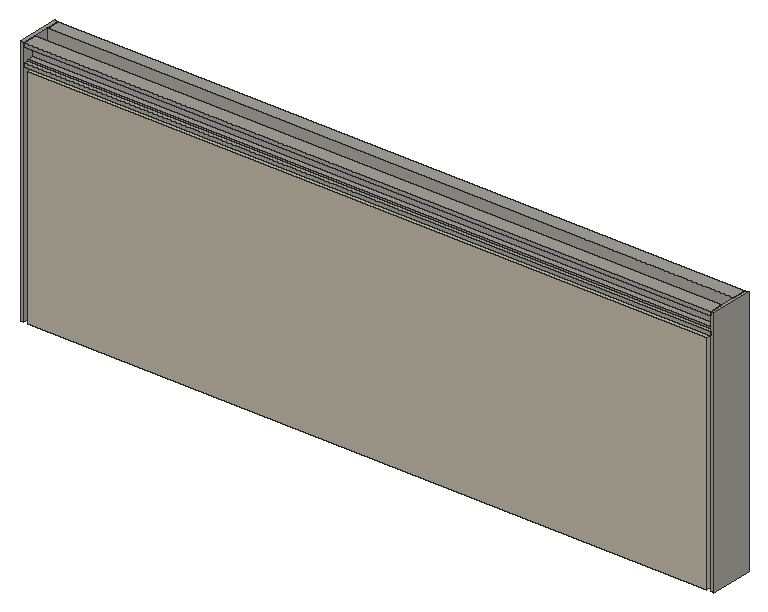
Revit family "Haworth_ComposeConnections_Panel_Solid", category Furniture Systems, Revit 2018
Family settings
  Round Connector Dimension = Use Diameter
  Part Type = Normal
  OmniClass Number = 23.40.70.14.64.21
  OmniClass Title = Systems Furniture
  Work Plane-Based = No
  Always vertical = Yes
  Cut with Voids When Loaded = No
  Shared = No
  Room Calculation Point = No
Parameters (values of type "48w 25h")
  Work Rail Top Trim [instance] = yes
  Width = 48"
  Warranty = "https://www.haworth.com/resources/product-info/warranties"
  URL - Product = "http://haworth.com/products/workspaces/panel-based/compose-connections"
  URL = "http://www.haworth.com/"
  Trim Finish = Haworth _ Paint _ Gray Tone
  Trim Depth = 3"  # constant formula
  Top Trim Width = 1/4"  # constant formula
  End Trim Top [instance] = if(Work Rail Top Trim, 26 3/4", 25 1/2")  # 26 3/4"
  Top Trim [instance] = not(Work Rail Top Trim)  # no
  Technology Trim Finish = Haworth _ Paint _ Gray Tone
  Technology Accesss Limitations [instance] = "Technology Accesss Only With Single Tile To Open Base"  # constant formula
  Sustainability Info = "http://media.haworth.com/asset/2999/Compose%20PEDS.pdf"
  Size = "Verify Final Dim. w/ Haworth"  # constant formula
  Single Tile To Floor [instance] = no
  Single Tile Open Base [instance] = not(or(Segmented Tile Open Base, Single Tile To Floor, Segmented Tile To Floor))  # yes
  Segmented Tiles [instance] = or(Segmented Tile To Floor, Segmented Tile Open Base)  # no
  Segmented Tile To Floor [instance] = no
  Segmented Tile Open Base [instance] = no
  Revision Number = "3"  # constant formula
  Panel Width = Actual Width  # 48"
  Panel Height Front [instance] = 23 1/8"  # constant formula
  Panel Height Back [instance] = 23 1/8"  # constant formula
  Model = "VZFS"  # constant formula
  Gap Offset = 1/4"  # constant formula
  Front Tile Technology Access Single [instance] = no
  Front Tile Technology Access Double [instance] = no
  Front Tile Tech Left [instance] = and(Single Tile Open Base, Front Tile Technology Access Double)  # no
  Front Tile Tech Right [instance] = and(Single Tile Open Base, or(Front Tile Technology Access Double, Front Tile Technology Access Single))  # no
  Front Panel 2 Finish [instance] = Haworth _ Fabric _ Striae _ Moonlight C1-AC
  Front Panel 1 Finish [instance] = Haworth _ Fabric _ Striae _ Moonlight C1-AC
  End Trim Right [instance] = yes
  End Trim Left [instance] = yes
  End Trim Bottom [instance] = if(or(Single Tile To Floor, Segmented Tile To Floor), 1 1/4", 9 1/4")  # 9 1/4"
  Description = "Haworth - Compose Connections - Panel - Solid"  # constant formula
  Custom Size = not(or(Width = 24", Width = 30", Width = 36", Width = 42", Width = 48", Width = 54", Width = 60", Width = 66", Width = 72"))  # no
  Panel Depth = 1/2"  # constant formula
  Back Tile Technology Access Single [instance] = no
  Back Tile Technology Access Double [instance] = yes
  Back Tile Tech Left [instance] = and(Single Tile Open Base, Back Tile Technology Access Double)  # yes
  Back Tile Tech Right [instance] = and(Single Tile Open Base, or(Back Tile Technology Access Double, Back Tile Technology Access Single))  # yes
  Back Panel 2 Finish [instance] = Haworth _ Fabric _ Striae _ Moonlight C1-AC
  Back Panel 1 Finish [instance] = Haworth _ Fabric _ Striae _ Moonlight C1-AC
  Actual Width = if(Width < Min. Width, Min. Width, if(Width > Max. Width, Max. Width, Width))  # 48"
  Actual Height = 25 1/2"  # constant formula
  Main Tile Height [instance] = if(Segmented Tile To Floor, 7 3/4", if(Segmented Tile Open Base, 7 3/4", if(Single Tile To Floor, 23 3/4", 15 3/4")))  # 15 3/4"
  Bottom Tile Height [instance] = if(Segmented Tile Open Base, 7 3/4", if(Segmented Tile To Floor, 15 3/4", 1"))  # 1"
  Offset Front [instance] = 1 1/2"  # constant formula
  Offset Back [instance] = 1 1/2"  # constant formula
  Min/Max Width = "24-72 in. @ 6 in. Increments"  # constant formula
  Min/Max Height = "25.5 in."  # constant formula
  Min. Width = 24"  # constant formula
  Max. Width = 72"  # constant formula
  Manufacturer = "Haworth"  # constant formula
  Height = 25 1/2"  # constant formula
  Bottom Trim Width = 1 1/2"  # constant formula
  Author = "Haworth (Hampton)"  # constant formula
  Assembly Code = "E2020500"
  Actual End Trim Right Height [instance] = 17 1/2"  # constant formula
  Actual End Trim Left Height [instance] = if(Work Rail Top Trim, 17 1/2", 16 1/4")  # 17 1/2"
  Actual # Panels Front [instance] = if(or(Single Tile To Floor, Single Tile Open Base), 1, 2)  # 1
  Actual # Panels Back [instance] = if(or(Single Tile To Floor, Single Tile Open Base), 1, 2)  # 1
Reference planes (in)
  plane 1 "Center F/B": y = 0
  plane 2: z = 9.25
  plane 3 "Center L/R": x = 0.09607
  plane 4 "Left": x = -23.90393
  plane 5 "Right": x = 24.09607
  plane 6 "Top of Trim": z = 25.5
  plane 7 "Top Trim Inside": z = 25.25
  plane 8 "Front": y = -1.5
  plane 9 "Back": y = 1.5
  plane 10 "Bottom Trim Inside": z = 8
  plane 11 "Top of Panel": z = 25
  plane 12 "Top": z = 25.5
  plane 13: y = -1
  plane 14: y = 1
  plane 15 "Tile 1": z = 9.25
  plane 16 "Tile 2": z = 9
  plane 17: x = -23.65393
  plane 18: x = 23.84607
  plane 19 "Work Rail Top": z = 26.75
  plane 20 "Tech Right": x = 17.84607
  plane 21 "Tech Left": x = -17.65393
  plane 22: x = 24.34607
  plane 23: x = -24.15393
  plane 24: z = 26.75
  plane 25: z = 9.25
Forms (in)
  Sweep 1, solid, material "Haworth _ Paint _ Gray Tone" <- "Trim Finish", visible <- "Top Trim"
    path origin (0, 0, 1) x (1, 0, 0) y (0, 0, 1)
      loop
        line (-23.90393, 24.5) -> (24.09607, 24.5)
    profile "Haworth_Compose - Panel_Trim : Top" origin (0.09607, 0, 25.5) x (0, 0, 1) y (0, -1, 0)
      loop
        line (0, 1.5) -> (-0.25, 1.5) -> (-0.25, -1.5) -> (0, -1.5) -> (0, 1.5)
  Extrusion 2, solid, material "Haworth _ Fabric _ Striae _ Moonlight C1-AC" <- "Back Panel 1 Finish", visible <- "Segmented Tiles"
    sketch origin (0, -1.5, 0) x (-1, 0, 0) y (0, 0, 1)
      loop
        line (23.65393, 9) -> (-23.84607, 9) -> (-23.84607, 8) -> (23.65393, 8) -> (23.65393, 9)
    from 2.5 to 3
  Extrusion 3, solid, material "Haworth _ Fabric _ Striae _ Moonlight C1-AC" <- "Back Panel 2 Finish"
    sketch origin (0, -1.5, 0) x (-1, 0, 0) y (0, 0, 1)
      loop
        line (23.65393, 25) -> (-23.84607, 25) -> (-23.84607, 9.25) -> (23.65393, 9.25) -> (23.65393, 25)
    from 2.5 to 3
  Extrusion 4, solid, material "Haworth _ Fabric _ Striae _ Moonlight C1-AC" <- "Front Panel 1 Finish", visible <- "Segmented Tiles"
    sketch origin (0, -1.5, 0) x (-1, 0, 0) y (0, 0, 1)
      loop
        line (23.65393, 9) -> (-23.84607, 9) -> (-23.84607, 8) -> (23.65393, 8) -> (23.65393, 9)
    from 0 to 0.5
  Extrusion 5, solid, material "Haworth _ Fabric _ Striae _ Moonlight C1-AC" <- "Front Panel 2 Finish"
    sketch origin (0, -1.5, 0) x (-1, 0, 0) y (0, 0, 1)
      loop
        line (23.65393, 25) -> (-23.84607, 25) -> (-23.84607, 9.25) -> (23.65393, 9.25) -> (23.65393, 25)
    from 0 to 0.5
  Extrusion 6, solid, material "Haworth _ Paint _ Gray Tone" <- "Trim Finish"
    sketch origin (0, 0, 0) x (1, 0, 0) y (0, 0, 1)
      loop
        line (-23.90393, 25.25) -> (-23.90393, 9.25) -> (24.09607, 9.25) -> (24.09607, 25.25) -> (-23.90393, 25.25)
    from -1 to 1
  Extrusion 7, solid, material "Haworth _ Paint _ Gray Tone" <- "Trim Finish", visible <- "End Trim Left"
    sketch origin (0, 0, 0) x (1, 0, 0) y (0, 1, 0)
      loop
        line (-24.15393, 1.5) -> (-24.15393, -1.5) -> (-23.90393, -1.5) -> (-23.90393, 1.5) -> (-24.15393, 1.5)
    from 9.25 to 26.75
  Extrusion 8, solid, material "Haworth _ Paint _ Gray Tone" <- "Trim Finish", visible <- "End Trim Right"
    sketch origin (0, 0, 0) x (1, 0, 0) y (0, 1, 0)
      loop
        line (24.09607, 1.5) -> (24.09607, -1.5) -> (24.34607, -1.5) -> (24.34607, 1.5) -> (24.09607, 1.5)
    from 9.25 to 26.75
Lines and regions (in)
  Masking region 1
    outline origin (0, 0, 0) x (1, 0, 0) y (0, 1, 0)
      loop
        line (-23.90393, 1.5) -> (-23.90393, -1.5) -> (24.09607, -1.5) -> (24.09607, 1.5) -> (-23.90393, 1.5)
  Masking region 2, visible <- "End Trim Right"
    outline origin (0, 0, 0) x (1, 0, 0) y (0, 1, 0)
      loop
        line (24.09607, 1.5) -> (24.09607, -1.5) -> (24.34607, -1.5) -> (24.34607, 1.5) -> (24.09607, 1.5)
  Masking region 3, visible <- "End Trim Left"
    outline origin (0, 0, 0) x (1, 0, 0) y (0, 1, 0)
      loop
        line (-24.15393, 1.5) -> (-24.15393, -1.5) -> (-23.90393, -1.5) -> (-23.90393, 1.5) -> (-24.15393, 1.5)
  symbolic lines, style "Haworth", detail levels medium+fine
    curve 1: line (24.09607, -1, 0) -> (-23.90393, -1, 0)
    curve 2: line (24.09607, 1, 0) -> (-23.90393, 1, 0)
Dimensions and locks (in)
  equal spacing: plane 4 "Left", plane 3 "Center L/R", plane 5 "Right"
  "Actual Width": plane 4 "Left" to plane 5 "Right"
  "Actual Height": plane 12 "Top" to level
  "Top Trim Width": plane 6 "Top of Trim" to plane 7 "Top Trim Inside"
  equal spacing: plane 9 "Back", plane 1 "Center F/B", plane 8 "Front"
  "Trim Depth": plane 9 "Back" to plane 8 "Front"
  locked: plane 7 "Top Trim Inside" to plane 11 "Top of Panel" at 0.25
  "Top Trim Width": Masking region 3 sketch curve to plane 4 "Left"
  "Top Trim Width": plane 5 "Right" to Masking region 2 sketch curve
  locked: plane 12 "Top" to plane 7 "Top Trim Inside" at 0.25
  "Panel Depth": plane 13 to plane 8 "Front"
  "Panel Depth": plane 14 to plane 9 "Back"
  "Main Tile Height": plane 11 "Top of Panel" to plane 15 "Tile 1"
  "Gap Offset": plane 15 "Tile 1" to plane 16 "Tile 2"
  "Bottom Tile Height": plane 16 "Tile 2" to plane 10 "Bottom Trim Inside"
  "Gap Offset": plane 4 "Left" to plane 17
  "Gap Offset": plane 18 to plane 5 "Right"
  locked: plane 2 to level at 9.25
  locked: plane 19 "Work Rail Top" to level at 26.75
  locked: plane 20 "Tech Right" to plane 5 "Right" at 6.25
  locked: plane 4 "Left" to plane 21 "Tech Left" at 6.25
  "Gap Offset": plane 5 "Right" to plane 22
  "Gap Offset": plane 23 to plane 4 "Left"
  "End Trim Top": plane 24 to level
  "End Trim Bottom": plane 25 to level
  aligned and locked: Sweep 1 sketch curve to plane 6 "Top of Trim"
  aligned and locked: plane 5 "Right" to Sweep 1 sketch curve
  aligned and locked: plane 4 "Left" to Sweep 1 sketch curve
  aligned and locked: plane 4 "Left" to curve 2
  aligned and locked: plane 5 "Right" to curve 2
  aligned and locked: plane 17 to Extrusion 2 sketch curve
  aligned and locked: Extrusion 2 sketch curve to plane 16 "Tile 2"
  aligned and locked: plane 10 "Bottom Trim Inside" to Extrusion 2 sketch curve
  aligned and locked: plane 18 to Extrusion 2 sketch curve
  aligned and locked: plane 14 to Extrusion 2
  aligned and locked: plane 9 "Back" to Extrusion 2
  aligned and locked: plane 17 to Extrusion 3 sketch curve
  aligned and locked: Extrusion 3 sketch curve to plane 11 "Top of Panel"
  aligned and locked: plane 15 "Tile 1" to Extrusion 3 sketch curve
  aligned and locked: plane 18 to Extrusion 3 sketch curve
  aligned and locked: plane 14 to Extrusion 3
  aligned and locked: plane 9 "Back" to Extrusion 3
  aligned and locked: plane 17 to Extrusion 4 sketch curve
  aligned and locked: plane 10 "Bottom Trim Inside" to Extrusion 4 sketch curve
  aligned and locked: Extrusion 4 sketch curve to plane 16 "Tile 2"
  aligned and locked: plane 18 to Extrusion 4 sketch curve
  aligned and locked: Extrusion 4 to plane 8 "Front"
  aligned and locked: plane 13 to Extrusion 4
  aligned and locked: plane 17 to Extrusion 5 sketch curve
  aligned and locked: Extrusion 5 sketch curve to plane 11 "Top of Panel"
  aligned and locked: plane 15 "Tile 1" to Extrusion 5 sketch curve
  aligned and locked: plane 18 to Extrusion 5 sketch curve
  aligned and locked: plane 13 to Extrusion 5
  aligned and locked: Extrusion 5 to plane 8 "Front"
  aligned and locked: plane 4 "Left" to Extrusion 6 sketch curve
  aligned and locked: Extrusion 6 sketch curve to plane 7 "Top Trim Inside"
  aligned and locked: plane 2 to Extrusion 6 sketch curve
  aligned and locked: Extrusion 6 sketch curve to plane 5 "Right"
  aligned and locked: Extrusion 6 to plane 14
  aligned and locked: Extrusion 6 to plane 13
  aligned and locked: plane 1 "Center F/B" to nested 1
  aligned and locked: plane 5 "Right" to nested 1
  aligned and locked: plane 19 "Work Rail Top" to nested 1
  aligned and locked: plane 20 "Tech Right" to nested 2
  aligned and locked: plane 8 "Front" to nested 2
  aligned and locked: plane 21 "Tech Left" to nested 3
  aligned and locked: plane 21 "Tech Left" to nested 5
  aligned and locked: nested 5 to plane 9 "Back"
  aligned and locked: nested 4 to plane 9 "Back"
  aligned and locked: plane 20 "Tech Right" to nested 4
  aligned and locked: Extrusion 7 sketch curve to plane 23
  aligned and locked: plane 8 "Front" to Extrusion 7 sketch curve
  aligned and locked: Extrusion 7 sketch curve to plane 4 "Left"
  aligned and locked: Extrusion 7 sketch curve to plane 9 "Back"
  aligned and locked: Extrusion 8 sketch curve to plane 9 "Back"
  aligned and locked: plane 5 "Right" to Extrusion 8 sketch curve
  aligned and locked: plane 8 "Front" to Extrusion 8 sketch curve
  aligned and locked: Extrusion 8 sketch curve to plane 22
  aligned and locked: plane 24 to Extrusion 7
  aligned and locked: plane 24 to Extrusion 8
  aligned and locked: Extrusion 7 to plane 25
  aligned and locked: Extrusion 8 to plane 25
Automatic sketch dimensions
  Masking region 1 sketch curve to plane 4 "Left" = 0"
  Masking region 1 sketch curve to plane 5 "Right" = 0"
  Masking region 1 sketch curve to plane 8 "Front" = 0"
  Masking region 1 sketch curve to plane 9 "Back" = 0"
  Masking region 2 sketch curve to plane 5 "Right" = 0"
  Masking region 2 sketch curve to plane 9 "Back" = 0"
  Masking region 3 sketch curve to plane 4 "Left" = 0"
  Masking region 3 sketch curve to plane 8 "Front" = 0"
  Masking region 2 sketch curve to plane 8 "Front" = 0"
  Masking region 3 sketch curve to plane 9 "Back" = 0"
  curve 1 to plane 4 "Left" = 0"
  curve 1 to plane 5 "Right" = 0"
  plane 8 "Front" to curve 1 = 1/2"
  plane 14 to curve 2 = 0"
Nested families (in)
  nested 1: "Haworth_Parts_Compose-Work-Rail_Trim" at (-0.90734, 0, 25.25), visible <- "Work Rail Top Trim", type "Trim"
  nested 2: "Haworth_Compose_Bezel" at (6.65857, -8.63569, 16), visible <- "Front Tile Tech Right", type "Tech Access"
    with Actual Mounting Height 18"
  nested 3: "Haworth_Compose_Bezel" at (-23.46643, -8.63569, 16), visible <- "Front Tile Tech Left", type "Tech Access"
    with Actual Mounting Height 18"
  nested 4: "Haworth_Compose_Bezel" at (23.65857, 8.63569, 16) x (-1, 0, 0) z (0, 0, 1), visible <- "Back Tile Tech Right", type "Tech Access"
    with Actual Mounting Height 18"
  nested 5: "Haworth_Compose_Bezel" at (-6.46643, 8.63569, 16) x (-1, 0, 0) z (0, 0, 1), visible <- "Back Tile Tech Left", type "Tech Access"
    with Actual Mounting Height 18"
Definition of nested family "Haworth_Parts_Compose-Work-Rail_Trim"
  Parameters
    Width = 48"
    Warranty = ""
    URL - Product = ""
    URL = "www.haworth.com"
    Thin Profile = no
    Sustainability Info = ""
    Description = ""
    Size = "Verify Final Dim. w/ Haworth"  # constant formula
    Revision Number = "1"  # constant formula
    Material Options = ""
    Manufacturer = "Haworth"  # constant formula
    LEED Data = ""
    Trim Finish = none
    Author = ""
    Assembly Code = ""
    Actual Depth = 3"  # constant formula
  Reference planes (in)
    plane 1 "Center F/B": y = 0
    plane 2: z = 0
    plane 3 "Back": y = 1.5
    plane 4 "Front": y = -1.5
    plane 5 "Top": z = 42
    plane 6 "Left": x = -22.99659
    plane 7 "Right": x = 25.00341
  Forms (in)
    Extrusion 1, solid, material <- "Trim Finish"
      sketch origin (25.00341, 0, 0) x (0, 1, 0) y (0, 0, 1)
        loop
          line (-1.5, 1.5) -> (-1.5, 1.25) -> (-1.2055, 1.25) -> (-1.2055, 1.16) -> (-0.7755, 1.16) -> (-0.7755, 0.34) -> (-1.2055, 0.34) -> (-1.2055, 0.25) -> (-1.5, 0.25) -> (-1.5, 0) -> (1.5, 0) -> (1.5, 0.25) -> (1.2055, 0.25) -> (1.2055, 0.34) -> (0.7755, 0.34) -> (0.7755, 1.16) -> (1.2055, 1.16) -> (1.2055, 1.25) -> (1.5, 1.25) -> (1.5, 1.5) -> (0.5315, 1.5) -> (0.5315, 0.64302) -> (0.34507, 0.25) -> (-0.34507, 0.25) -> (-0.5315, 0.64302) -> (-0.5315, 1.5) -> (-1.5, 1.5)
      from -48 to 0
  Dimensions and locks (in)
    equal spacing: plane 3 "Back", plane 1 "Center F/B", plane 4 "Front"
    "Actual Depth": plane 3 "Back" to plane 4 "Front"
    locked: plane 5 "Top" to level at 42
    "Width": plane 6 "Left" to plane 7 "Right"
    aligned and locked: level to plane 2
    aligned and locked: Extrusion 1 to plane 6 "Left"
    aligned and locked: plane 7 "Right" to Extrusion 1
  Automatic sketch dimensions
    Extrusion 1 sketch curve to plane 4 "Front" = 0"
    plane 4 "Front" to Extrusion 1 sketch curve = 0"
    Extrusion 1 sketch curve to Extrusion 1 sketch curve = 0.2945"
    plane 4 "Front" to Extrusion 1 sketch curve = 0.2945"
    Extrusion 1 sketch curve to Extrusion 1 sketch curve = 0.43"
    Extrusion 1 sketch curve to Extrusion 1 sketch curve = 0.244"  (x2)
    plane 1 "Center F/B" to Extrusion 1 sketch curve = 0.34507"
    Extrusion 1 sketch curve to plane 1 "Center F/B" = 0.34507"
    Extrusion 1 sketch curve to Extrusion 1 sketch curve = 0.18643"
    Extrusion 1 sketch curve to plane 3 "Back" = 0.2945"  (x2)
    plane 3 "Back" to Extrusion 1 sketch curve = 0"  (x2)
    level to Extrusion 1 sketch curve = 0"
    Extrusion 1 sketch curve to Extrusion 1 sketch curve = 1/4"  (x3)
    Extrusion 1 sketch curve to Extrusion 1 sketch curve = 0.09"  (x4)
    Extrusion 1 sketch curve to Extrusion 1 sketch curve = 0.30302"  (x2)
    Extrusion 1 sketch curve to Extrusion 1 sketch curve = 0.82"  (x2)
    Extrusion 1 sketch curve to Extrusion 1 sketch curve = 0.34"  (x2)
Definition of nested family "Haworth_Compose_Bezel"
  Parameters
    Warranty = "www.haworth.com/en-us/Products/Pages/Certifications.aspx"
    URL = "www.haworth.com"
    Trim = 1/2"  # constant formula
    Sustainability Info = "www.haworth.com/en-us/About-Us/Sustainability/Pages/Vision.aspx"
    Outlet Finish = none
    Below Surface = not(Above Surface)  # yes
    Actual Width = 5 3/8"  # constant formula
    Size = "Verify Final Dim. w/ Haworth"  # constant formula
    Revision Number = "1"  # constant formula
    Model = "Haworth_Compose_Bezel"
    Manufacturer = "Haworth"  # constant formula
    Description = "Haworth_Compose_Bezel"  # constant formula
    Author = "Haworth (Hampton)"  # constant formula
    Assembly Code = "E2020200"
    Actual Mounting Height [instance] = if(Above Surface, 31", 18")  # 18"
    Actual Height = 5 1/2"  # constant formula
    Actual Depth = 1/4"  # constant formula
    Above Surface = no
  Reference planes (in)
    plane 1: z = 0
    plane 2 "Center L/R": x = 8.5
    plane 3 "Support Left Edge": x = 5.8125
    plane 4 "Support Right Edge": x = 11.1875
    plane 5 "Back": y = 7.13569
    plane 6 "Front": y = 6.88569
    plane 7 "Outlet Top": z = 5.5
    plane 8 "Center F/B": y = 7.01069
    plane 9 "Trim Left": x = 6.3125
    plane 10 "Trim Right": x = 10.6875
    plane 11 "Trim Top": z = 5
    plane 12 "Trim Bottom": z = 0.5
    plane 13 "Orange Plate": y = 6.94677
    plane 14: z = 3
    plane 15: z = 2.5
    plane 16: x = 7.25
  Forms (in)
    Extrusion 1, solid, material <- "Outlet Finish"
      sketch origin (0, 6.88569, 0) x (-1, 0, 0) y (0, 0, 1)
        loop
          line (-6.0625, 5.5) -> (-10.9375, 5.5)
          arc (-10.9375, 5.5) -> (-11.11428, 5.42678) -> (-11.1875, 5.25) r 0.25
          line (-11.1875, 5.25) -> (-11.1875, 0.25)
          arc (-11.1875, 0.25) -> (-11.11428, 0.07322) -> (-10.9375, 0) r 0.25
          line (-10.9375, 0) -> (-6.0625, 0)
          arc (-6.0625, 0) -> (-5.88572, 0.07322) -> (-5.8125, 0.25) r 0.25
          line (-5.8125, 0.25) -> (-5.8125, 5.25)
          arc (-5.8125, 5.25) -> (-5.88572, 5.42678) -> (-6.0625, 5.5) r 0.25
      from 0 to 0.25
    Extrusion 2, void
      sketch origin (0, 6.88569, 0) x (-1, 0, 0) y (0, 0, 1)
        loop
          line (-6.5625, 5) -> (-10.4375, 5)
          arc (-10.4375, 5) -> (-10.61428, 4.92678) -> (-10.6875, 4.75) r 0.25
          line (-10.6875, 4.75) -> (-10.6875, 3.25)
          arc (-10.6875, 3.25) -> (-10.61428, 3.07322) -> (-10.4375, 3) r 0.25
          line (-10.4375, 3) -> (-6.5625, 3)
          arc (-6.5625, 3) -> (-6.38572, 3.07322) -> (-6.3125, 3.25) r 0.25
          line (-6.3125, 3.25) -> (-6.3125, 4.75)
          arc (-6.3125, 4.75) -> (-6.38572, 4.92678) -> (-6.5625, 5) r 0.25
        loop
          line (-7.5, 2.5) -> (-10.4375, 2.5)
          arc (-10.4375, 2.5) -> (-10.61428, 2.42678) -> (-10.6875, 2.25) r 0.25
          line (-10.6875, 2.25) -> (-10.6875, 0.75)
          arc (-10.6875, 0.75) -> (-10.61428, 0.57322) -> (-10.4375, 0.5) r 0.25
          line (-10.4375, 0.5) -> (-7.5, 0.5)
          arc (-7.5, 0.5) -> (-7.32322, 0.57322) -> (-7.25, 0.75) r 0.25
          line (-7.25, 0.75) -> (-7.25, 2.25)
          arc (-7.25, 2.25) -> (-7.32322, 2.42678) -> (-7.5, 2.5) r 0.25
      from 0 to 0.125
  Cuts and joins
    Extrusion 2 cuts Extrusion 1
  Lines and regions (in)
    Masking region 1, detail levels fine
      outline origin (0, 0, 0) x (1, 0, 0) y (0, 1, 0)
        loop
          line (5.8125, 7.13569) -> (5.8125, 6.88569) -> (11.1875, 6.88569) -> (11.1875, 7.13569) -> (5.8125, 7.13569)
    symbolic lines, detail levels fine
      curve 1: line (5.8125, 7.13569, 0) -> (11.1875, 7.13569, 0)
      curve 2: line (5.8125, 6.88569, 0) -> (5.8125, 7.13569, 0)
      curve 3: line (11.1875, 6.88569, 0) -> (5.8125, 6.88569, 0)
      curve 4: line (11.1875, 7.13569, 0) -> (11.1875, 6.88569, 0)
  Dimensions and locks (in)
    "Actual Width": plane 3 "Support Left Edge" to plane 4 "Support Right Edge"
    equal spacing: plane 3 "Support Left Edge", plane 2 "Center L/R", plane 4 "Support Right Edge"
    "Actual Depth": plane 5 "Back" to plane 6 "Front"
    "Actual Height": plane 7 "Outlet Top" to level
    equal spacing: plane 5 "Back", plane 8 "Center F/B", plane 6 "Front"
    "Trim": plane 3 "Support Left Edge" to plane 9 "Trim Left"
    "Trim": plane 10 "Trim Right" to plane 4 "Support Right Edge"
    "Trim": plane 12 "Trim Bottom" to level
    "Trim": plane 7 "Outlet Top" to plane 11 "Trim Top"
    aligned and locked: Extrusion 1 sketch curve to plane 3 "Support Left Edge"
    aligned and locked: Extrusion 1 sketch curve to plane 7 "Outlet Top"
    aligned and locked: Extrusion 1 sketch curve to plane 4 "Support Right Edge"
    aligned and locked: level to Extrusion 1 sketch curve
    aligned and locked: Extrusion 1 to plane 6 "Front"
    aligned and locked: plane 5 "Back" to Extrusion 1
    aligned and locked: Extrusion 2 sketch curve to plane 11 "Trim Top"
    aligned and locked: plane 10 "Trim Right" to Extrusion 2 sketch curve  (x2)
    aligned and locked: plane 14 to Extrusion 2 sketch curve
    aligned and locked: Extrusion 2 sketch curve to plane 15
    aligned and locked: plane 12 "Trim Bottom" to Extrusion 2 sketch curve
    aligned and locked: Extrusion 2 to plane 6 "Front"
    aligned and locked: plane 8 "Center F/B" to Extrusion 2
  Automatic sketch dimensions
    curve 3 to plane 6 "Front" = 0"
    curve 4 to plane 4 "Support Right Edge" = 0"
    curve 1 to plane 3 "Support Left Edge" = 0"
    curve 1 to plane 5 "Back" = 0"
    Masking region 1 sketch curve to plane 3 "Support Left Edge" = 0"
    Masking region 1 sketch curve to plane 4 "Support Right Edge" = 0"
    Masking region 1 sketch curve to plane 6 "Front" = 0"
    Masking region 1 sketch curve to plane 5 "Back" = 0"
    Extrusion 1 sketch curve to plane 4 "Support Right Edge" = 1/4"  (x2)
    level to Extrusion 1 sketch curve = 1/4"
    Extrusion 1 sketch curve to plane 3 "Support Left Edge" = 1/4"
    Extrusion 2 sketch curve to plane 9 "Trim Left" = 0"
    plane 12 "Trim Bottom" to Extrusion 2 sketch curve = 1/4"
    Extrusion 2 sketch curve to plane 16 = 0"
    plane 10 "Trim Right" to Extrusion 2 sketch curve = 1/4"  (x4)
    plane 16 to Extrusion 2 sketch curve = 1/4"
    plane 9 "Trim Left" to Extrusion 2 sketch curve = 1/4"  (x2)
Types in the file's own list only (8): name | Width | Panel Width | Actual Width
  24w 25h | 24" | 24" | 24"
  30w 25h | 30" | 30" | 30"
  36w 25h | 36" | 36" | 36"
  42w 25h | 42" | 42" | 42"
  54w 25h | 54" | 54" | 54"
  60w 25h | 60" | 60" | 60"
  66w 25h | 66" | 66" | 66"
  72w 25h | 72" | 72" | 72"
